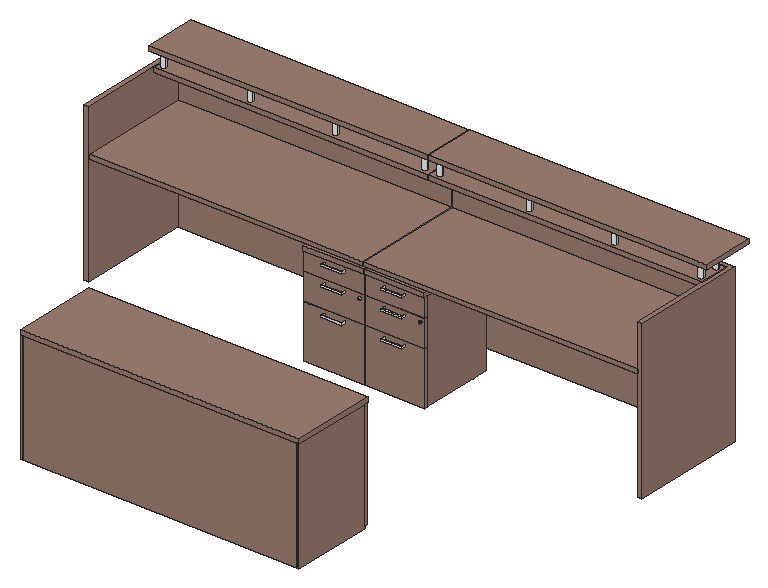
Revit family "T100010", category Furniture, Revit 2022
Family settings
  OmniClass Number = 23.40.20.00
  OmniClass Title = General Furniture and Specialties
  Work Plane-Based = No
  Always vertical = Yes
  Cut with Voids When Loaded = No
  Render Appearance Source = Family Geometry
  Shared = No
  Room Calculation Point = No
Parameters
  Default Elevation = 0' - 0"
Reference planes (in)
  plane 1 "Center Front/Back": y = 0
  plane 2: z = 0
  plane 3 "Center Left/Right": x = 0
Dimensions and locks (in)
  aligned and locked: level to plane 2
Nested families (in)
  nested 1: "OFS ELEMENT DOUBLE DESK 144in" at (0, 0, 0), type "ELEMENT DOUBLE DESK 144in"
    with Desk Overlay Option yes
  nested 2: "OFS ELEMENT 4 DOOR CREDENZA" at (0, -82.75, 0) x (-1, 0, 0) z (0, 0, 1), type "ELEMENT 4 DOOR CREDENZA 72in Width"
  nested 3: "OFS ELEMENT MOBILE PEDESTAL" at (-7.8125, 3, 0), type "ELEMENT MOBILE PEDESTAL"
  nested 4: "OFS ELEMENT MOBILE PEDESTAL" at (7.8125, 3, 0), type "ELEMENT MOBILE PEDESTAL"
Definition of nested family "OFS ELEMENT DOUBLE DESK 144in"
  Parameters (values of type "ELEMENT DOUBLE DESK 144in")
    Worksurface Material = none
    Width = 12' - 0"
    URL = "http://www.ofsbrands.com/"
    Transaction Shelf Material = none
    Table Supp from Lateral = 0' - 2 5/8"
    Table Supp from Center = 2' - 1"
    Table Depth = 1' - 1 1/2"
    Model = "EL-T72D"
    Manufacturer = "OFS"
    Lateral Board Thickness = 0' - 1 3/16"
    Height = 3' - 9"
    Standoffs Material = none
    Desk Overlay Thickness = 0' - 0 1/8"
    Desk Overlay Option [instance] = yes
    Desk Overlay Material = none
    Desk Overlay = 0' - 6 1/2"
    Description = "OFS BRANDS OFS ELEMENT DOUBLE DESK 144\" Width, 2 X 72\"W x 34.3125\"D DESK"
    Depth = 2' - 10 5/16"
    Default Elevation = 0' - 0"
    Copyright © = "© 2018 OFS BRANDS"
    Catalog = "http://ofs.com/products/casegoods/reception/element"
    Bottom Board Offset = 0' - 0"
    Chassis Material = none
    Base Depth = 2' - 6"
    Back Board Thickness = 0' - 1 3/16"
    Authoring Version = "Autodesk Revit Architecture 2013"
    Assembly Code = "E2020200"
  Reference planes (in)
    plane 1 "Center Front/Back": y = 0
    plane 2: z = 0
    plane 3 "Center Left/Right": x = 0
    plane 4 "Back External": y = 17.15625
    plane 5 "Right External": x = 72
    plane 6 "Front External": y = -17.15625
    plane 7 "Left External": x = -72
    plane 8 "Seat Height": z = 29.5
    plane 9 "Height": z = 45
    plane 10: x = 70.8125
    plane 11: x = -70.8125
    plane 12: y = 12.84375
    plane 13: y = 11.65625
    plane 14: y = 3.65625
    plane 15: z = 40.5
    plane 16: z = 28.5
    plane 17: z = 43.875
    plane 18: z = 39.375
    plane 19: z = 0
    plane 20: x = -69.375
    plane 21: x = -25
    plane 22: x = 69.375
    plane 23: x = 25
    plane 24: x = 65.5
    plane 25: x = -65.5
    plane 26: z = 6.5
    plane 27: z = 34
    plane 28: y = 12.96875
    plane 29: x = 0.5
    plane 30: x = -0.5
    plane 31: x = -1.9375
    plane 32: x = 1.9375
    plane 33: x = -47
    plane 34: x = 47
  Forms (in)
    Extrusion 1, solid, material <- "Worksurface Material"
      sketch origin (0, 0, 0) x (1, 0, 0) y (0, 1, 0)
        loop
          line (-70.8125, 11.65625) -> (-70.8125, -17.15625) -> (-0.03125, -17.15625) -> (-0.03125, 11.65625) -> (-70.8125, 11.65625)
        loop
          line (70.8125, -17.15625) -> (70.8125, 11.65625) -> (0.03125, 11.65625) -> (0.03125, -17.15625) -> (70.8125, -17.15625)
      from 28.5 to 29.5
    Extrusion 2, solid, material <- "Chassis Material"
      sketch origin (0, 0, 0) x (1, 0, 0) y (0, 1, 0)
        loop
          line (-72, -17.15625) -> (-70.8125, -17.15625) -> (-70.8125, 11.65625) -> (-0.03125, 11.65625) -> (-0.03125, 12.84375) -> (-72, 12.84375) -> (-72, -17.15625)
        loop
          line (72, 12.84375) -> (0.03125, 12.84375) -> (0.03125, 11.65625) -> (70.8125, 11.65625) -> (70.8125, -17.15625) -> (72, -17.15625) -> (72, 12.84375)
      from 0 to 40.5
    Extrusion 3, solid, material <- "Chassis Material"
      sketch origin (0, 0, 6) x (1, 0, 0) y (0, 1, 0)
        loop
          line (-70.8125, 11.65625) -> (-70.8125, 3.65625) -> (-0.03125, 3.65625) -> (-0.03125, 11.65625) -> (-70.8125, 11.65625)
        loop
          line (70.8125, 3.65625) -> (70.8125, 11.65625) -> (0.03125, 11.65625) -> (0.03125, 3.65625) -> (70.8125, 3.65625)
      from 33.375 to 34.5
    Extrusion 4, solid, material <- "Transaction Shelf Material"
      sketch origin (0, 0, 6) x (1, 0, 0) y (0, 1, 0)
        loop
          line (-72, 17.15625) -> (-72, 3.65625) -> (-0.03125, 3.65625) -> (-0.03125, 17.15625) -> (-72, 17.15625)
        loop
          line (72, 3.65625) -> (72, 17.15625) -> (0.03125, 17.15625) -> (0.03125, 3.65625) -> (72, 3.65625)
      from 37.875 to 39
    Extrusion 5, solid, material <- "Standoffs Material"
      sketch origin (0, 0, 0) x (1, 0, 0) y (0, 1, 0)
        loop
          circle (-69.375, 10.04085) r 0.625
      from 40.5 to 43.875
    Extrusion 6, solid, material <- "Standoffs Material"
      sketch origin (0, -4.75, 0) x (1, 0, 0) y (0, 1, 0)
        loop
          circle (-69.375, 10.04085) r 0.625
      from 40.5 to 43.875
    Extrusion 7, solid, material <- "Standoffs Material"
      sketch origin (22.25, 0, 0) x (1, 0, 0) y (0, 1, 0)
        loop
          circle (-47.25, 10.04085) r 0.625
      from 40.5 to 43.875
    Extrusion 8, solid, material <- "Standoffs Material"
      sketch origin (22.25, -4.75, 0) x (1, 0, 0) y (0, 1, 0)
        loop
          circle (-47.25, 10.04085) r 0.625
      from 40.5 to 43.875
    Extrusion 9, solid, material <- "Standoffs Material"
      sketch origin (44.5, 0, 0) x (1, 0, 0) y (0, 1, 0)
        loop
          circle (-19.5, 10.04085) r 0.625
      from 40.5 to 43.875
    Extrusion 10, solid, material <- "Standoffs Material"
      sketch origin (44.5, -4.75, 0) x (1, 0, 0) y (0, 1, 0)
        loop
          circle (-19.5, 10.04085) r 0.625
      from 40.5 to 43.875
    Extrusion 11, solid, material <- "Standoffs Material"
      sketch origin (66.75, 0, 0) x (1, 0, 0) y (0, 1, 0)
        loop
          circle (2.625, 10.04085) r 0.625
      from 40.5 to 43.875
    Extrusion 12, solid, material <- "Standoffs Material"
      sketch origin (66.75, -4.75, 0) x (1, 0, 0) y (0, 1, 0)
        loop
          circle (2.625, 10.04085) r 0.625
      from 40.5 to 43.875
    Extrusion 13, solid, material <- "Desk Overlay Material", visible <- "Desk Overlay Option"
      sketch origin (0, 0, 0) x (1, 0, 0) y (0, 0, 1)
        loop
          line (65.5, 34) -> (-65.5, 34) -> (-65.5, 6.5) -> (65.5, 6.5) -> (65.5, 34)
      from -12.96875 to -12.84375
    Extrusion 14, solid, material <- "Chassis Material"
      sketch origin (0, 0, 0) x (1, 0, 0) y (0, 1, 0)
        loop
          line (-0.5, 11.65625) -> (-0.5, 0) -> (0.5, 0) -> (0.5, 11.65625) -> (-0.5, 11.65625)
      from 0 to 28.5
    Extrusion 15, solid, material <- "Standoffs Material"
      sketch origin (-71.3125, 0, 0) x (-1, 0, 0) y (0, -1, 0)
        loop
          circle (-69.375, -10.04085) r 0.625
      from 40.5 to 43.875
    Extrusion 16, solid, material <- "Standoffs Material"
      sketch origin (-71.3125, -4.75, 0) x (-1, 0, 0) y (0, -1, 0)
        loop
          circle (-69.375, -10.04085) r 0.625
      from 40.5 to 43.875
    Extrusion 17, solid, material <- "Standoffs Material"
      sketch origin (71.3125, 0, 0) x (1, 0, 0) y (0, 1, 0)
        loop
          circle (-69.375, 10.04085) r 0.625
      from 40.5 to 43.875
    Extrusion 18, solid, material <- "Standoffs Material"
      sketch origin (71.3125, -4.75, 0) x (1, 0, 0) y (0, 1, 0)
        loop
          circle (-69.375, 10.04085) r 0.625
      from 40.5 to 43.875
    Extrusion 19, solid, material <- "Standoffs Material"
      sketch origin (-94.25, 0, 0) x (-1, 0, 0) y (0, -1, 0)
        loop
          circle (-47.25, -10.04085) r 0.625
      from 40.5 to 43.875
    Extrusion 20, solid, material <- "Standoffs Material"
      sketch origin (-94.25, -4.75, 0) x (-1, 0, 0) y (0, -1, 0)
        loop
          circle (-47.25, -10.04085) r 0.625
      from 40.5 to 43.875
    Extrusion 21, solid, material <- "Standoffs Material"
      sketch origin (94.25, 0, 0) x (1, 0, 0) y (0, 1, 0)
        loop
          circle (-47.25, 10.04085) r 0.625
      from 40.5 to 43.875
    Extrusion 22, solid, material <- "Standoffs Material"
      sketch origin (94.25, -4.75, 0) x (1, 0, 0) y (0, 1, 0)
        loop
          circle (-47.25, 10.04085) r 0.625
      from 40.5 to 43.875
  Dimensions and locks (in)
    equal spacing: plane 7 "Left External", plane 3 "Center Left/Right", plane 5 "Right External"
    "Width": plane 7 "Left External" to plane 5 "Right External"
    equal spacing: plane 6 "Front External", plane 1 "Center Front/Back", plane 4 "Back External"
    "Depth": plane 4 "Back External" to plane 6 "Front External"
    plane 8 "Seat Height" to level = 2' - 5 1/2"
    "Height": plane 9 "Height" to level
    "Lateral Board Thickness": plane 7 "Left External" to plane 11
    "Lateral Board Thickness": plane 10 to plane 5 "Right External"
    "Base Depth": plane 12 to plane 6 "Front External"
    "Back Board Thickness": plane 12 to plane 13
    "Table Depth": plane 4 "Back External" to plane 14
    plane 15 to level = 3' - 4 1/2"
    "Bottom Board Offset": plane 19 to level
    "Table Supp from Lateral": plane 7 "Left External" to plane 20
    "Table Supp from Center": plane 21 to plane 3 "Center Left/Right"
    "Table Supp from Lateral": plane 5 "Right External" to plane 22
    "Table Supp from Center": plane 23 to plane 3 "Center Left/Right"
    "Desk Overlay": plane 5 "Right External" to plane 24
    "Desk Overlay": plane 25 to plane 7 "Left External"
    plane 25 to plane 24 = 10' - 11"
    "Desk Overlay": plane 27 to plane 15
    "Desk Overlay": plane 19 to plane 26
    "Desk Overlay Thickness": plane 28 to plane 12
    aligned and locked: level to plane 2
    aligned and locked: Extrusion 1 sketch curve to plane 13
    aligned and locked: Extrusion 1 sketch curve to plane 11
    aligned and locked: Extrusion 1 sketch curve to plane 6 "Front External"
    aligned and locked: Extrusion 1 sketch curve to plane 10
    aligned and locked: plane 7 "Left External" to Extrusion 2 sketch curve
    aligned and locked: Extrusion 1 to Extrusion 2 sketch curve  (x2)
    aligned and locked: Extrusion 2 sketch curve to Extrusion 1  (x2)
    aligned and locked: Extrusion 2 sketch curve to plane 12
    aligned and locked: plane 5 "Right External" to Extrusion 2 sketch curve
    aligned and locked: Extrusion 2 sketch curve to plane 13
    aligned and locked: Extrusion 2 to plane 19
    aligned and locked: Extrusion 1 to plane 16
    aligned and locked: Extrusion 1 to plane 8 "Seat Height"
    aligned and locked: Extrusion 3 to plane 18
    aligned and locked: plane 11 to Extrusion 3
    aligned and locked: plane 10 to Extrusion 3
    aligned and locked: plane 13 to Extrusion 3
    aligned and locked: Extrusion 3 to plane 14
    aligned and locked: Extrusion 4 to plane 14
    aligned and locked: plane 4 "Back External" to Extrusion 4
    aligned and locked: Extrusion 4 to plane 9 "Height"
    aligned and locked: Extrusion 4 to plane 17
    aligned and locked: plane 5 "Right External" to Extrusion 4
    aligned and locked: Extrusion 4 to plane 7 "Left External"
    aligned and locked: Extrusion 13 sketch curve to plane 27
    aligned and locked: Extrusion 13 sketch curve to plane 24
    aligned and locked: Extrusion 13 sketch curve to plane 26
    aligned and locked: Extrusion 13 sketch curve to plane 25
    aligned and locked: Extrusion 13 to plane 12
    aligned and locked: Extrusion 13 to plane 28
    aligned and locked: Extrusion 14 sketch curve to plane 13
    aligned and locked: Extrusion 14 sketch curve to plane 30
    aligned and locked: Extrusion 14 sketch curve to plane 1 "Center Front/Back"
    aligned and locked: Extrusion 14 sketch curve to plane 29
  Automatic sketch dimensions
    Extrusion 1 sketch curve to plane 6 "Front External" = 0' - 0"
    Extrusion 1 sketch curve to plane 13 = 0' - 0"
    Extrusion 1 sketch curve to plane 3 "Center Left/Right" = 0' - 0 1/32"
    plane 3 "Center Left/Right" to Extrusion 1 sketch curve = 0' - 0 1/32"
    Extrusion 2 sketch curve to plane 12 = 0' - 0"
    Extrusion 2 sketch curve to plane 13 = 0' - 0"
    Extrusion 2 sketch curve to plane 3 "Center Left/Right" = 0' - 0 1/32"
    plane 3 "Center Left/Right" to Extrusion 2 sketch curve = 0' - 0 1/32"
    Extrusion 3 sketch curve to plane 11 = 0' - 0"
    Extrusion 3 sketch curve to plane 13 = 0' - 0"  (x2)
    Extrusion 3 sketch curve to plane 14 = 0' - 0"  (x2)
    Extrusion 3 sketch curve to plane 10 = 0' - 0"
    Extrusion 3 sketch curve to plane 3 "Center Left/Right" = 0' - 0 1/32"
    plane 3 "Center Left/Right" to Extrusion 3 sketch curve = 0' - 0 1/32"
    Extrusion 4 sketch curve to plane 4 "Back External" = 0' - 0"  (x2)
    Extrusion 4 sketch curve to plane 7 "Left External" = 0' - 0"
    Extrusion 4 sketch curve to plane 14 = 0' - 0"  (x2)
    Extrusion 4 sketch curve to plane 5 "Right External" = 0' - 0"
    Extrusion 4 sketch curve to plane 3 "Center Left/Right" = 0' - 0 1/32"
    plane 3 "Center Left/Right" to Extrusion 4 sketch curve = 0' - 0 1/32"
    Extrusion 5 sketch curve to plane 20 = 0' - 0"
    Extrusion 5 sketch curve to plane 13 = 0' - 1.6154"
    Extrusion 6 sketch curve to plane 20 = 0' - 0"
    plane 14 to Extrusion 6 sketch curve = 0' - 1.6346"
    Extrusion 7 sketch curve to plane 21 = 0' - 0"
    Extrusion 7 sketch curve to plane 13 = 0' - 1.6154"
    Extrusion 8 sketch curve to plane 21 = 0' - 0"
    plane 14 to Extrusion 8 sketch curve = 0' - 1.6346"
    Extrusion 9 sketch curve to plane 23 = 0' - 0"
    Extrusion 9 sketch curve to plane 13 = 0' - 1.6154"
    Extrusion 10 sketch curve to plane 23 = 0' - 0"
    plane 14 to Extrusion 10 sketch curve = 0' - 1.6346"
    Extrusion 11 sketch curve to plane 22 = 0' - 0"
    Extrusion 11 sketch curve to plane 13 = 0' - 1.6154"
    Extrusion 12 sketch curve to plane 22 = 0' - 0"
    plane 14 to Extrusion 12 sketch curve = 0' - 1.6346"
    Extrusion 15 sketch curve to plane 31 = 0' - 0"
    plane 13 to Extrusion 15 sketch curve = 0' - 1.6154"
    Extrusion 16 sketch curve to plane 31 = 0' - 0"
    Extrusion 16 sketch curve to plane 14 = 0' - 1.6346"
    Extrusion 17 sketch curve to plane 32 = 0' - 0"
    Extrusion 17 sketch curve to plane 13 = 0' - 1.6154"
    Extrusion 18 sketch curve to plane 32 = 0' - 0"
    plane 14 to Extrusion 18 sketch curve = 0' - 1.6346"
    Extrusion 19 sketch curve to plane 33 = 0' - 0"
    plane 13 to Extrusion 19 sketch curve = 0' - 1.6154"
    Extrusion 20 sketch curve to plane 33 = 0' - 0"
    Extrusion 20 sketch curve to plane 14 = 0' - 1.6346"
    Extrusion 21 sketch curve to plane 34 = 0' - 0"
    Extrusion 21 sketch curve to plane 13 = 0' - 1.6154"
    Extrusion 22 sketch curve to plane 34 = 0' - 0"
    plane 14 to Extrusion 22 sketch curve = 0' - 1.6346"
    radius of Extrusion 5 sketch curve = 0' - 0 5/8"
    radius of Extrusion 6 sketch curve = 0' - 0 5/8"
    radius of Extrusion 7 sketch curve = 0' - 0 5/8"
    radius of Extrusion 8 sketch curve = 0' - 0 5/8"
    radius of Extrusion 9 sketch curve = 0' - 0 5/8"
    radius of Extrusion 10 sketch curve = 0' - 0 5/8"
    radius of Extrusion 11 sketch curve = 0' - 0 5/8"
    radius of Extrusion 12 sketch curve = 0' - 0 5/8"
    radius of Extrusion 15 sketch curve = 0' - 0 5/8"
    radius of Extrusion 16 sketch curve = 0' - 0 5/8"
    radius of Extrusion 17 sketch curve = 0' - 0 5/8"
    radius of Extrusion 18 sketch curve = 0' - 0 5/8"
    radius of Extrusion 19 sketch curve = 0' - 0 5/8"
    radius of Extrusion 20 sketch curve = 0' - 0 5/8"
    radius of Extrusion 21 sketch curve = 0' - 0 5/8"
    radius of Extrusion 22 sketch curve = 0' - 0 5/8"
Definition of nested family "OFS ELEMENT 4 DOOR CREDENZA"
  Parameters (values of type "ELEMENT 4 DOOR CREDENZA 84in Width")
    Worksurface Material = none
    Width = 7' - 0"
    URL = "http://ofsbrands.com"
    Top Thickness = 0' - 1 1/4"
    Lateral Boads Thickness = 0' - 0 5/8"
    Frontboard Thickness = 0' - 0 3/4"
    Frontboard Space = 0' - 0 1/4"
    Drawer Handles Material = none
    Drawer Handle Width = 0' - 5 7/16"
    Drawer Handle Depth = 0' - 1"
    Door Gap = 0' - 0 1/8"
    Depth = 1' - 10"
    Model = "EL-8422DCR"
    Manufacturer = "OFS"
    Height = 2' - 6"
    Description = "OFS BRANDS OFS ELEMENT 4 DOOR CREDENZA, 84\" Width, Four Locking Doors, Two Adjustable Shelf"
    Default Elevation = 0' - 0"
    Copyright © = "© OFS BRANDS 2018"
    Chasis Material = none
    Catalog = "http://ofs.com/products/casegoods/reception/element"
    Bottomboard Thickness = 0' - 0 15/16"
    Bottom Board Offset = 0' - 0 9/16"
    Backboard Thickness = 0' - 0 15/16"
    Authoring Version = "Autodesk Revit Architecture 2013"
    Assembly Code = "E2020200"
  Types (3): name | Width | Model | Description
    (no name) | 7' - 0" | "EL-8422DCR" | "OFS BRANDS OFS ELEMENT 4 DOOR CREDENZA, 84\" Width, Four Locking Doors, Two Adjustable Shelf"
    ELEMENT 4 DOOR CREDENZA 72in Width | 6' - 0" | "EL-7222DCR" | "OFS BRANDS OFS ELEMENT 4 DOOR CREDENZA, 72\" Width, Four Locking Doors, Two Adjustable Shelf"
    ELEMENT 4 DOOR CREDENZA 84in Width | 7' - 0" | "EL-8422DCR" | "OFS BRANDS OFS ELEMENT 4 DOOR CREDENZA, 84\" Width, Four Locking Doors, Two Adjustable Shelf"
  Reference planes (in)
    plane 1 "Center Front/Back": y = 0
    plane 2: z = 0
    plane 3 "Center Left/Right": x = 0
    plane 4 "Left End": x = -42
    plane 5 "Front End": y = -22
    plane 6 "Right End": x = 42
    plane 7 "Height Top": z = 30
    plane 8: z = 0.5625
    plane 9: y = -0.9375
    plane 10: y = -21.75
    plane 11: x = 41.375
    plane 12: x = -41.375
    plane 13: y = -21
    plane 14: z = 1.5
    plane 15: z = 28.75
    plane 16: x = -0.0625
    plane 17: x = 0.0625
    plane 18: x = 21
    plane 19: x = -21
    plane 20: y = -22.75
    plane 21: y = -22.31418
    plane 22: y = -22.5
    plane 23: z = 27.75
    plane 24: z = 27.25
    plane 25: x = 20.9375
    plane 26: x = 21.0625
    plane 27: x = 31.5
    plane 28: x = 10.5
    plane 29: x = 28.78125
    plane 30: x = 34.21875
    plane 31: x = 29.03125
    plane 32: x = 33.96875
    plane 33: x = 7.78125
    plane 34: x = 13.21875
    plane 35: x = 8.03125
    plane 36: x = 12.96875
    plane 37: x = -21.0625
    plane 38: x = -20.9375
    plane 39: x = -10.5
    plane 40: x = -31.5
    plane 41: x = -13.21875
    plane 42: x = -7.78125
    plane 43: x = -12.96875
    plane 44: x = -8.03125
    plane 45: x = -34.21875
    plane 46: x = -28.78125
    plane 47: x = -33.96875
    plane 48: x = -29.03125
  Forms (in)
    Extrusion 1, solid, material <- "Chasis Material"
      sketch origin (0, 0, 0) x (1, 0, 0) y (0, 1, 0)
        loop
          line (-41.375, 0) -> (-41.375, -0.9375) -> (41.375, -0.9375) -> (41.375, 0) -> (-41.375, 0)
      from 0 to 28.75
    Extrusion 2, solid, material <- "Chasis Material"
      sketch origin (-3.125, -5.41266, 0) x (1, 0, 0) y (0, 1, 0)
        loop
          line (-38.875, 5.41266) -> (-38.875, -15.58734) -> (-38.25, -15.58734) -> (-38.25, 5.41266) -> (-38.875, 5.41266)
      from 0 to 28.75
    Extrusion 3, solid, material <- "Chasis Material"
      sketch origin (37.875, -5.41266, 0) x (1, 0, 0) y (0, 1, 0)
        loop
          line (3.5, 5.41266) -> (3.5, -15.58734) -> (4.125, -15.58734) -> (4.125, 5.41266) -> (3.5, 5.41266)
      from 0 to 28.75
    Extrusion 4, solid, material <- "Chasis Material"
      sketch origin (-5.10739, -10.02382, 0) x (1, 0, 0) y (0, 1, 0)
        loop
          line (-36.89261, -10.97618) -> (-36.89261, -11.72618) -> (-15.95511, -11.72618) -> (-15.95511, -10.97618) -> (-36.89261, -10.97618)
      from 0.5625 to 28.75
    Extrusion 5, solid, material <- "Chasis Material"
      sketch origin (14.89261, -10.02382, 0) x (1, 0, 0) y (0, 1, 0)
        loop
          line (6.16989, -10.97618) -> (6.16989, -11.72618) -> (27.10739, -11.72618) -> (27.10739, -10.97618) -> (6.16989, -10.97618)
      from 0.5625 to 28.75
    Extrusion 6, solid, material <- "Chasis Material"
      sketch origin (0, 0, 0) x (1, 0, 0) y (0, 1, 0)
        loop
          line (-41.375, -0.9375) -> (-41.375, -21) -> (41.375, -21) -> (41.375, -0.9375) -> (-41.375, -0.9375)
      from 0.5625 to 1.5
    Extrusion 7, solid, material <- "Worksurface Material"
      sketch origin (0, 0, 0) x (1, 0, 0) y (0, 1, 0)
        loop
          line (-42, 0) -> (-42, -22) -> (42, -22) -> (42, 0) -> (-42, 0)
      from 28.75 to 30
    Extrusion 8, solid, material <- "Drawer Handles Material"
      sketch origin (45, 0, 0) x (1, 0, 0) y (0, 1, 0)
        loop
          line (-16.21875, -21.75) -> (-16.21875, -22.75) -> (-10.78125, -22.75) -> (-10.78125, -21.75) -> (-11.03125, -21.75) -> (-11.03125, -22.5) -> (-15.96875, -22.5) -> (-15.96875, -21.75) -> (-16.21875, -21.75)
      from 27.25 to 27.75
    Extrusion 9, solid, material <- "Drawer Handles Material"
      sketch origin (27, 0, 0) x (1, 0, 0) y (0, 1, 0)
        loop
          line (-19.21875, -21.75) -> (-19.21875, -22.75) -> (-13.78125, -22.75) -> (-13.78125, -21.75) -> (-14.03125, -21.75) -> (-14.03125, -22.5) -> (-18.96875, -22.5) -> (-18.96875, -21.75) -> (-19.21875, -21.75)
      from 27.25 to 27.75
    Extrusion 10, solid, material <- "Drawer Handles Material"
      sketch origin (9, 0, 0) x (1, 0, 0) y (0, 1, 0)
        loop
          line (-22.21875, -21.75) -> (-22.21875, -22.75) -> (-16.78125, -22.75) -> (-16.78125, -21.75) -> (-17.03125, -21.75) -> (-17.03125, -22.5) -> (-21.96875, -22.5) -> (-21.96875, -21.75) -> (-22.21875, -21.75)
      from 27.25 to 27.75
    Extrusion 11, solid, material <- "Drawer Handles Material"
      sketch origin (-9, 0, 0) x (1, 0, 0) y (0, 1, 0)
        loop
          line (-25.21875, -21.75) -> (-25.21875, -22.75) -> (-19.78125, -22.75) -> (-19.78125, -21.75) -> (-20.03125, -21.75) -> (-20.03125, -22.5) -> (-24.96875, -22.5) -> (-24.96875, -21.75) -> (-25.21875, -21.75)
      from 27.25 to 27.75
    Extrusion 12, solid, material <- "Chasis Material"
      sketch origin (21.10739, -10.02382, 0) x (-1, 0, 0) y (0, -1, 0)
        loop
          line (0.16989, 10.97618) -> (21.04489, 10.97618) -> (21.04489, 11.72618) -> (0.16989, 11.72618) -> (0.16989, 10.97618)
      from 0.5625 to 28.75
    Extrusion 13, solid, material <- "Chasis Material"
      sketch origin (-21.10739, -10.02382, 0) x (1, 0, 0) y (0, 1, 0)
        loop
          line (0.16989, -10.97618) -> (0.16989, -11.72618) -> (21.04489, -11.72618) -> (21.04489, -10.97618) -> (0.16989, -10.97618)
      from 0.5625 to 28.75
    Blend 14, solid, material <- "Drawer Handles Material"
      base sketch origin (-30, 0, 0) x (1, 0, 0) y (0, 0, 1)
        loop
          circle (51.8743, 26.01563) r 0.31101
      top sketch origin (-30, 0, 0) x (1, 0, 0) y (0, 0, 1)
        loop
          circle (51.8743, 26.01563) r 0.25
      from 21.75 to 22
    Blend 15, solid, material <- "Drawer Handles Material"
      base sketch origin (-75, 0, 0) x (1, 0, 0) y (0, 0, 1)
        loop
          circle (54.8743, 26.01562) r 0.31101
      top sketch origin (-75, 0, 0) x (1, 0, 0) y (0, 0, 1)
        loop
          circle (54.8743, 26.01562) r 0.25
      from 21.75 to 22
  Dimensions and locks (in)
    "Height": plane 7 "Height Top" to level
    "Bottom Board Offset": plane 8 to level
    "Depth": plane 5 "Front End" to plane 1 "Center Front/Back"
    equal spacing: plane 4 "Left End", plane 3 "Center Left/Right", plane 6 "Right End"
    "Width": plane 4 "Left End" to plane 6 "Right End"
    "Backboard Thickness": plane 9 to plane 1 "Center Front/Back"
    "Frontboard Space": plane 10 to plane 5 "Front End"
    "Lateral Boads Thickness": plane 4 "Left End" to plane 12
    "Lateral Boads Thickness": plane 11 to plane 6 "Right End"
    "Frontboard Thickness": plane 13 to plane 10
    "Bottomboard Thickness": plane 14 to plane 8
    "Top Thickness": plane 7 "Height Top" to plane 15
    equal spacing: plane 16, plane 3 "Center Left/Right", plane 17
    "Door Gap": plane 16 to plane 17
    equal spacing: plane 3 "Center Left/Right", plane 18, plane 6 "Right End"
    equal spacing: plane 3 "Center Left/Right", plane 19, plane 4 "Left End"
    "Drawer Handle Depth": plane 10 to plane 20
    locked: plane 15 to plane 23 at 1
    locked: plane 23 to plane 24 at 0.5
    equal spacing: plane 25, plane 18, plane 26
    "Door Gap": plane 25 to plane 26
    equal spacing: plane 18, plane 27, plane 6 "Right End"
    equal spacing: plane 3 "Center Left/Right", plane 28, plane 18
    equal spacing: plane 29, plane 27, plane 30
    "Drawer Handle Width": plane 29 to plane 30
    locked: plane 29 to plane 31 at 0.25
    locked: plane 30 to plane 32 at 0.25
    equal spacing: plane 33, plane 28, plane 34
    "Drawer Handle Width": plane 33 to plane 34
    locked: plane 33 to plane 35 at 0.25
    locked: plane 34 to plane 36 at 0.25
    equal spacing: plane 37, plane 19, plane 38
    "Door Gap": plane 37 to plane 38
    equal spacing: plane 19, plane 39, plane 3 "Center Left/Right"
    equal spacing: plane 4 "Left End", plane 40, plane 19
    equal spacing: plane 41, plane 39, plane 42
    "Drawer Handle Width": plane 41 to plane 42
    locked: plane 41 to plane 43 at 0.25
    locked: plane 42 to plane 44 at 0.25
    equal spacing: plane 45, plane 40, plane 46
    "Drawer Handle Width": plane 45 to plane 46
    locked: plane 45 to plane 47 at 0.25
    locked: plane 46 to plane 48 at 0.25
    aligned and locked: level to plane 2
    aligned and locked: plane 1 "Center Front/Back" to Extrusion 1 sketch curve
    aligned and locked: Extrusion 1 sketch curve to plane 9
    aligned and locked: Extrusion 2 to plane 4 "Left End"
    aligned and locked: Extrusion 2 to plane 12
    aligned and locked: Extrusion 2 to plane 1 "Center Front/Back"
    aligned and locked: Extrusion 1 to plane 11
    aligned and locked: Extrusion 2 to plane 13
    aligned and locked: Extrusion 3 to plane 1 "Center Front/Back"
    aligned and locked: plane 13 to Extrusion 3
    aligned and locked: plane 11 to Extrusion 3
    aligned and locked: Extrusion 3 to plane 6 "Right End"
    aligned and locked: Extrusion 4 to plane 10
    aligned and locked: plane 13 to Extrusion 4
    aligned and locked: Extrusion 4 to plane 4 "Left End"
    aligned and locked: Extrusion 5 to plane 13
    aligned and locked: plane 10 to Extrusion 5
    aligned and locked: Extrusion 5 to plane 6 "Right End"
    aligned and locked: plane 15 to Extrusion 4
    aligned and locked: Extrusion 5 to plane 15
    aligned and locked: Extrusion 1 to plane 15
    aligned and locked: plane 15 to Extrusion 2
    aligned and locked: Extrusion 3 to plane 15
    aligned and locked: Extrusion 4 to plane 8
    aligned and locked: plane 8 to Extrusion 5
    aligned and locked: Extrusion 1 to level
    aligned and locked: Extrusion 3 to level
    aligned and locked: Extrusion 2 to level
    aligned and locked: Extrusion 6 sketch curve to plane 9
    aligned and locked: Extrusion 6 sketch curve to plane 12
    aligned and locked: plane 11 to Extrusion 6 sketch curve
    aligned and locked: Extrusion 6 sketch curve to plane 13
    aligned and locked: plane 4 "Left End" to Extrusion 7 sketch curve
    aligned and locked: plane 6 "Right End" to Extrusion 7 sketch curve
    aligned and locked: plane 1 "Center Front/Back" to Extrusion 7 sketch curve
    aligned and locked: Extrusion 7 sketch curve to plane 5 "Front End"
    aligned and locked: Extrusion 7 to plane 7 "Height Top"
    aligned and locked: Extrusion 7 to plane 15
    aligned and locked: Extrusion 6 to plane 8
    aligned and locked: Extrusion 6 to plane 14
    aligned and locked: Extrusion 8 sketch curve to plane 29
    aligned and locked: Extrusion 8 sketch curve to plane 30
    aligned and locked: plane 32 to Extrusion 8 sketch curve
    aligned and locked: Extrusion 9 sketch curve to plane 33
    aligned and locked: Extrusion 9 sketch curve to plane 34
    aligned and locked: plane 36 to Extrusion 9 sketch curve
    aligned and locked: Extrusion 10 sketch curve to plane 41
    aligned and locked: Extrusion 10 sketch curve to plane 42
    aligned and locked: plane 44 to Extrusion 10 sketch curve
    aligned and locked: Extrusion 11 sketch curve to plane 45
    aligned and locked: Extrusion 11 sketch curve to plane 46
    aligned and locked: plane 48 to Extrusion 11 sketch curve
    aligned and locked: Extrusion 4 to plane 37
    aligned and locked: Extrusion 5 to plane 26
    aligned and locked: Extrusion 12 to plane 25
    aligned and locked: Extrusion 12 to plane 17
    aligned and locked: Extrusion 13 to plane 16
    aligned and locked: Extrusion 13 to plane 38
  Automatic sketch dimensions
    Extrusion 1 sketch curve to plane 12 = 0' - 0"
    Extrusion 1 sketch curve to plane 11 = 0' - 0"
    Extrusion 2 sketch curve to plane 4 "Left End" = 0' - 0"
    Extrusion 2 sketch curve to plane 12 = 0' - 0"
    Extrusion 2 sketch curve to plane 13 = 0' - 0"
    plane 1 "Center Front/Back" to Extrusion 2 sketch curve = 0' - 0"
    Extrusion 3 sketch curve to plane 11 = 0' - 0"
    Extrusion 3 sketch curve to plane 6 "Right End" = 0' - 0"
    plane 13 to Extrusion 3 sketch curve = 0' - 0"
    plane 1 "Center Front/Back" to Extrusion 3 sketch curve = 0' - 0"
    Extrusion 4 sketch curve to plane 4 "Left End" = 0' - 0"
    Extrusion 4 sketch curve to plane 10 = 0' - 0"
    Extrusion 4 sketch curve to plane 37 = 0' - 0"
    Extrusion 4 sketch curve to plane 13 = 0' - 0"
    plane 10 to Extrusion 5 sketch curve = 0' - 0"
    Extrusion 5 sketch curve to plane 26 = 0' - 0"
    Extrusion 5 sketch curve to plane 6 "Right End" = 0' - 0"
    plane 13 to Extrusion 5 sketch curve = 0' - 0"
    plane 10 to Extrusion 8 sketch curve = 0' - 0"  (x2)
    Extrusion 8 sketch curve to plane 31 = 0' - 0"
    plane 20 to Extrusion 8 sketch curve = 0' - 0"
    plane 22 to Extrusion 8 sketch curve = 0' - 0"
    Extrusion 9 sketch curve to plane 10 = 0' - 0"  (x2)
    Extrusion 9 sketch curve to plane 35 = 0' - 0"
    Extrusion 9 sketch curve to plane 20 = 0' - 0"
    plane 22 to Extrusion 9 sketch curve = 0' - 0"
    Extrusion 10 sketch curve to plane 10 = 0' - 0"  (x2)
    Extrusion 10 sketch curve to plane 43 = 0' - 0"
    Extrusion 10 sketch curve to plane 20 = 0' - 0"
    Extrusion 10 sketch curve to plane 22 = 0' - 0"
    Extrusion 11 sketch curve to plane 10 = 0' - 0"  (x2)
    Extrusion 11 sketch curve to plane 47 = 0' - 0"
    Extrusion 11 sketch curve to plane 20 = 0' - 0"
    Extrusion 11 sketch curve to plane 22 = 0' - 0"
    plane 10 to Extrusion 12 sketch curve = 0' - 0"
    Extrusion 12 sketch curve to plane 25 = 0' - 0"
    Extrusion 12 sketch curve to plane 17 = 0' - 0"
    plane 13 to Extrusion 12 sketch curve = 0' - 0"
    Extrusion 13 sketch curve to plane 10 = 0' - 0"
    Extrusion 13 sketch curve to plane 38 = 0' - 0"
    Extrusion 13 sketch curve to plane 16 = 0' - 0"
    Extrusion 13 sketch curve to plane 13 = 0' - 0"
    plane 26 to Blend 14 sketch curve = 0' - 0.8118"  (x2)
    Blend 14 sketch curve to plane 24 = 0' - 1 15/64"  (x2)
    plane 38 to Blend 15 sketch curve = 0' - 0.8118"  (x2)
    Blend 15 sketch curve to plane 24 = 0' - 1 15/64"  (x2)
    radius of Blend 14 sketch curve = 0' - 0.31101"
    radius of Blend 14 sketch curve = 0' - 0 1/4"
    radius of Blend 15 sketch curve = 0' - 0.31101"
    radius of Blend 15 sketch curve = 0' - 0 1/4"
Definition of nested family "OFS ELEMENT MOBILE PEDESTAL"
  Parameters (values of type "ELEMENT MOBILE PEDESTAL")
    Worksurface Material = none
    Width = 1' - 3 5/8"
    URL = "http://ofsbrands.com"
    Top Thickness = 0' - 1 1/8"
    Lateral Boads Thickness = 0' - 0 5/8"
    Frontboard Thickness = 0' - 0 3/4"
    Frontboard Space = 0' - 0 1/4"
    Drawer Handles Material = none
    Drawer Handle Width = 0' - 5 7/16"
    Drawer Handle Depth = 0' - 1"
    Drawer 2 Height = 0' - 7"
    Drawer 1 Height = 1' - 2 3/4"
    Door Gap = 0' - 0 1/8"
    Depth = 1' - 8"
    Model = "EL-1620MP"
    Manufacturer = "OFS"
    Height = 2' - 3 11/16"
    Description = "OFS BRANDS OFS ELEMENT MOBILE PEDESTAL One Box Drawer"
    Default Elevation = 0' - 0"
    Copyright © = "© OFS BRANDS 2018"
    Chasis Material = none
    Catalog = "http://ofs.com/products/casegoods/reception/element"
    Casters Material = none
    Bottomboard Thickness = 0' - 0 15/16"
    Bottom Board Offset = 0' - 0 7/8"
    Backboard Thickness = 0' - 0 15/16"
    Authoring Version = "Autodesk Revit Architecture 2013"
    Assembly Code = "E2020200"
  Reference planes (in)
    plane 1 "Center Front/Back": y = 0
    plane 2: z = 0
    plane 3 "Center Left/Right": x = 0
    plane 4 "Left End": x = -7.8125
    plane 5 "Front End": y = -20
    plane 6 "Right End": x = 7.8125
    plane 7 "Height Top": z = 27.6875
    plane 8: z = 0.875
    plane 9: y = -0.9375
    plane 10: y = -19.75
    plane 11: x = 7.1875
    plane 12: x = -7.1875
    plane 13: y = -19
    plane 14: z = 1.8125
    plane 15: z = 26.5625
    plane 16: x = 0
    plane 17: x = -2.71875
    plane 18: x = 2.71875
    plane 19: y = -20.75
    plane 20: y = -22.31418
    plane 21: x = -2.46875
    plane 22: y = -20.5
    plane 23: x = 2.46875
    plane 24: z = 25.5625
    plane 25: z = 25.0625
    plane 26: z = 14.75
    plane 27: z = 14.625
    plane 28: z = 21.75
    plane 29: z = 21.625
    plane 30: z = 20.75
    plane 31: z = 20.25
    plane 32: z = 13.75
    plane 33: z = 13.25
    plane 34: z = 2.75
  Forms (in)
    Extrusion 1, solid, material <- "Chasis Material"
      sketch origin (-3.125, -5.41266, 0) x (1, 0, 0) y (0, 1, 0)
        loop
          line (-4.6875, 5.41266) -> (-4.6875, -13.58734) -> (-4.0625, -13.58734) -> (-4.0625, 5.41266) -> (-4.6875, 5.41266)
      from 0.875 to 26.5625
    Extrusion 2, solid, material <- "Chasis Material"
      sketch origin (37.875, -5.41266, 0) x (1, 0, 0) y (0, 1, 0)
        loop
          line (-30.6875, 5.41266) -> (-30.6875, -13.58734) -> (-30.0625, -13.58734) -> (-30.0625, 5.41266) -> (-30.6875, 5.41266)
      from 0.875 to 26.5625
    Extrusion 3, solid, material <- "Chasis Material"
      sketch origin (-5.10739, -10.02382, 0) x (1, 0, 0) y (0, 1, 0)
        loop
          line (-2.70511, -8.97618) -> (-2.70511, -9.72618) -> (12.91989, -9.72618) -> (12.91989, -8.97618) -> (-2.70511, -8.97618)
      from 0.875 to 14.625
    Extrusion 4, solid, material <- "Chasis Material"
      sketch origin (0, 0, 0) x (1, 0, 0) y (0, 1, 0)
        loop
          line (-7.1875, -0.9375) -> (-7.1875, -19) -> (7.1875, -19) -> (7.1875, -0.9375) -> (-7.1875, -0.9375)
      from 2.75 to 1.8125
    Extrusion 5, solid, material <- "Drawer Handles Material"
      sketch origin (7.8125, 0, 0) x (1, 0, 0) y (0, 1, 0)
        loop
          line (-10.53125, -19.75) -> (-10.53125, -20.75) -> (-5.09375, -20.75) -> (-5.09375, -19.75) -> (-5.34375, -19.75) -> (-5.34375, -20.5) -> (-10.28125, -20.5) -> (-10.28125, -19.75) -> (-10.53125, -19.75)
      from 25.0625 to 25.5625
    Extrusion 6, solid, material <- "Drawer Handles Material"
      sketch origin (7.8125, 0, -7.15625) x (1, 0, 0) y (0, 1, 0)
        loop
          line (-10.53125, -19.75) -> (-10.53125, -20.75) -> (-5.09375, -20.75) -> (-5.09375, -19.75) -> (-5.34375, -19.75) -> (-5.34375, -20.5) -> (-10.28125, -20.5) -> (-10.28125, -19.75) -> (-10.53125, -19.75)
      from 27.40625 to 27.90625
    Extrusion 7, solid, material <- "Drawer Handles Material"
      sketch origin (7.8125, 0, -14.3125) x (1, 0, 0) y (0, 1, 0)
        loop
          line (-10.53125, -19.75) -> (-10.53125, -20.75) -> (-5.09375, -20.75) -> (-5.09375, -19.75) -> (-5.34375, -19.75) -> (-5.34375, -20.5) -> (-10.28125, -20.5) -> (-10.28125, -19.75) -> (-10.53125, -19.75)
      from 27.5625 to 28.0625
    Extrusion 8, solid, material <- "Chasis Material"
      sketch origin (-18.01928, -10.02382, 13.32115) x (-1, 0, 0) y (0, -1, 0)
        loop
          line (-25.83178, 8.97618) -> (-10.20678, 8.97618) -> (-10.20678, 9.72618) -> (-25.83178, 9.72618) -> (-25.83178, 8.97618)
      from 8.42885 to 13.24135
    Extrusion 9, solid, material <- "Chasis Material"
      sketch origin (-20.85209, -10.02382, 6.64749) x (-1, 0, 0) y (0, -1, 0)
        loop
          line (-28.66459, 8.97618) -> (-13.03959, 8.97618) -> (-13.03959, 9.72618) -> (-28.66459, 9.72618) -> (-28.66459, 8.97618)
      from 8.10251 to 14.97751
    Extrusion 10, solid, material <- "Worksurface Material"
      sketch origin (0, 0, 0) x (1, 0, 0) y (0, 1, 0)
        loop
          line (-7.8125, 0) -> (-7.8125, -20) -> (7.8125, -20) -> (7.8125, 0) -> (-7.8125, 0)
      from 26.5625 to 27.6875
    Extrusion 11, solid, material <- "Chasis Material"
      sketch origin (0, 0, 0) x (1, 0, 0) y (0, 1, 0)
        loop
          line (-7.1875, 0) -> (-7.1875, -0.9375) -> (7.1875, -0.9375) -> (7.1875, 0) -> (-7.1875, 0)
      from 0.875 to 26.5625
    Blend 12, solid, material <- "Drawer Handles Material"
      base sketch origin (-45.22131, 2, -5.51333) x (1, 0, 0) y (0, 0, 1)
        loop
          circle (51.8743, 26.01563) r 0.31101
      top sketch origin (-45.22131, 2, -5.51333) x (1, 0, 0) y (0, 0, 1)
        loop
          circle (51.8743, 26.01563) r 0.25
      from 21.75 to 22
    Extrusion 13, solid, material <- "Casters Material"
      sketch origin (0, 13.08827, 0) x (0, 1, 0) y (0, 0, 1)
        loop
          circle (-15.68394, 0.875) r 0.875
      from 6.33656 to 6.83536
    Extrusion 14, solid, material <- "Casters Material"
      sketch origin (12.12805, 13.08827, 0) x (0, 1, 0) y (0, 0, -1)
        loop
          circle (-15.68394, -0.875) r 0.875
      from 6.33656 to 6.83536
    Extrusion 15, solid, material <- "Casters Material"
      sketch origin (0, -1.93467, 0) x (0, 1, 0) y (0, 0, 1)
        loop
          circle (-15.68394, 0.875) r 0.875
      from 6.33656 to 6.83536
    Extrusion 16, solid, material <- "Casters Material"
      sketch origin (12.12805, -1.93467, 0) x (0, 1, 0) y (0, 0, -1)
        loop
          circle (-15.68394, -0.875) r 0.875
      from 6.33656 to 6.83536
    Extrusion 17, solid, material <- "Casters Material"
      sketch origin (0, 13.08827, 0) x (0, 1, 0) y (0, 0, -1)
        loop
          circle (-15.68394, -0.875) r 0.875
      from 6.33656 to 6.83536
    Extrusion 18, solid, material <- "Casters Material"
      sketch origin (-12.12805, 13.08827, 0) x (0, 1, 0) y (0, 0, 1)
        loop
          circle (-15.68394, 0.875) r 0.875
      from 6.33656 to 6.83536
    Extrusion 19, solid, material <- "Casters Material"
      sketch origin (0, -1.93467, 0) x (0, 1, 0) y (0, 0, -1)
        loop
          circle (-15.68394, -0.875) r 0.875
      from 6.33656 to 6.83536
    Extrusion 20, solid, material <- "Casters Material"
      sketch origin (-12.12805, -1.93467, 0) x (0, 1, 0) y (0, 0, 1)
        loop
          circle (-15.68394, 0.875) r 0.875
      from 6.33656 to 6.83536
  Dimensions and locks (in)
    "Height": plane 7 "Height Top" to level
    "Bottom Board Offset": plane 8 to level
    "Depth": plane 5 "Front End" to plane 1 "Center Front/Back"
    equal spacing: plane 4 "Left End", plane 3 "Center Left/Right", plane 6 "Right End"
    "Width": plane 4 "Left End" to plane 6 "Right End"
    "Backboard Thickness": plane 9 to plane 1 "Center Front/Back"
    "Frontboard Space": plane 10 to plane 5 "Front End"
    "Lateral Boads Thickness": plane 4 "Left End" to plane 12
    "Lateral Boads Thickness": plane 11 to plane 6 "Right End"
    "Frontboard Thickness": plane 13 to plane 10
    "Bottomboard Thickness": plane 14 to plane 8
    "Top Thickness": plane 7 "Height Top" to plane 15
    equal spacing: plane 17, plane 16, plane 18
    "Drawer Handle Width": plane 17 to plane 18
    "Drawer Handle Depth": plane 10 to plane 19
    locked: plane 17 to plane 21 at 0.25
    locked: plane 22 to plane 19 at 0.25
    locked: plane 18 to plane 23 at 0.25
    locked: plane 15 to plane 24 at 1
    locked: plane 24 to plane 25 at 0.5
    "Drawer 1 Height": plane 26 to level
    "Door Gap": plane 26 to plane 27
    "Door Gap": plane 28 to plane 29
    locked: plane 28 to plane 30 at 1
    locked: plane 30 to plane 31 at 0.5
    locked: plane 26 to plane 32 at 1
    locked: plane 32 to plane 33 at 0.5
    "Drawer 2 Height": plane 28 to plane 26
    "Bottomboard Thickness": plane 34 to plane 14
    aligned and locked: level to plane 2
    aligned and locked: Extrusion 1 to plane 4 "Left End"
    aligned and locked: Extrusion 1 to plane 12
    aligned and locked: Extrusion 1 to plane 1 "Center Front/Back"
    aligned and locked: Extrusion 1 to plane 13
    aligned and locked: Extrusion 2 to plane 1 "Center Front/Back"
    aligned and locked: Extrusion 2 to plane 13
    aligned and locked: plane 11 to Extrusion 2
    aligned and locked: Extrusion 2 to plane 6 "Right End"
    aligned and locked: Extrusion 3 to plane 10
    aligned and locked: plane 13 to Extrusion 3
    aligned and locked: Extrusion 3 to plane 4 "Left End"
    aligned and locked: Extrusion 1 to plane 15
    aligned and locked: Extrusion 2 to plane 15
    aligned and locked: Extrusion 3 to plane 8
    aligned and locked: Extrusion 4 sketch curve to plane 9
    aligned and locked: Extrusion 4 sketch curve to plane 12
    aligned and locked: plane 11 to Extrusion 4 sketch curve
    aligned and locked: plane 13 to Extrusion 4 sketch curve
    aligned and locked: plane 14 to Extrusion 4
    aligned and locked: Extrusion 5 sketch curve to plane 17
    aligned and locked: Extrusion 5 sketch curve to plane 10  (x2)
    aligned and locked: Extrusion 5 sketch curve to plane 22
    aligned and locked: Extrusion 5 sketch curve to plane 18
    aligned and locked: plane 23 to Extrusion 5 sketch curve
    aligned and locked: plane 24 to Extrusion 5
    aligned and locked: Extrusion 5 to plane 25
    aligned and locked: plane 30 to Extrusion 6
    aligned and locked: Extrusion 6 to plane 31
    aligned and locked: plane 32 to Extrusion 7
    aligned and locked: Extrusion 7 to plane 33
    aligned and locked: plane 27 to Extrusion 3
    aligned and locked: Extrusion 8 to plane 28
    aligned and locked: plane 29 to Extrusion 9
    aligned and locked: Extrusion 9 to plane 26
    aligned and locked: Extrusion 8 to plane 15
    aligned and locked: Extrusion 8 to plane 6 "Right End"
    aligned and locked: Extrusion 9 to plane 6 "Right End"
    aligned and locked: Extrusion 3 to plane 6 "Right End"
    aligned and locked: plane 16 to plane 3 "Center Left/Right"
    aligned and locked: plane 5 "Front End" to Extrusion 10 sketch curve
    aligned and locked: plane 1 "Center Front/Back" to Extrusion 10 sketch curve
    aligned and locked: plane 6 "Right End" to Extrusion 10 sketch curve
    aligned and locked: plane 4 "Left End" to Extrusion 10 sketch curve
    aligned and locked: plane 15 to Extrusion 10
    aligned and locked: plane 7 "Height Top" to Extrusion 10
    aligned and locked: Extrusion 1 to plane 8
    aligned and locked: Extrusion 2 to plane 8
    aligned and locked: plane 1 "Center Front/Back" to Extrusion 11 sketch curve
    aligned and locked: plane 9 to Extrusion 11 sketch curve
    aligned and locked: Extrusion 11 sketch curve to plane 12
    aligned and locked: plane 11 to Extrusion 11 sketch curve
    aligned and locked: Extrusion 11 to plane 8
    aligned and locked: Extrusion 11 to plane 15
    aligned and locked: plane 34 to Extrusion 4
  Automatic sketch dimensions
    Extrusion 1 sketch curve to plane 4 "Left End" = 0' - 0"
    Extrusion 1 sketch curve to plane 12 = 0' - 0"
    Extrusion 1 sketch curve to plane 13 = 0' - 0"
    plane 1 "Center Front/Back" to Extrusion 1 sketch curve = 0' - 0"
    Extrusion 2 sketch curve to plane 11 = 0' - 0"
    Extrusion 2 sketch curve to plane 6 "Right End" = 0' - 0"
    Extrusion 2 sketch curve to plane 13 = 0' - 0"
    plane 1 "Center Front/Back" to Extrusion 2 sketch curve = 0' - 0"
    Extrusion 3 sketch curve to plane 4 "Left End" = 0' - 0"
    Extrusion 3 sketch curve to plane 6 "Right End" = 0' - 0"
    Extrusion 3 sketch curve to plane 10 = 0' - 0"
    Extrusion 3 sketch curve to plane 13 = 0' - 0"
    Extrusion 5 sketch curve to plane 21 = 0' - 0"
    Extrusion 5 sketch curve to plane 19 = 0' - 0"
    Extrusion 6 sketch curve to plane 10 = 0' - 0"  (x2)
    Extrusion 6 sketch curve to plane 17 = 0' - 0"
    Extrusion 6 sketch curve to plane 21 = 0' - 0"
    Extrusion 6 sketch curve to plane 23 = 0' - 0"
    Extrusion 6 sketch curve to plane 18 = 0' - 0"
    Extrusion 6 sketch curve to plane 19 = 0' - 0"
    plane 22 to Extrusion 6 sketch curve = 0' - 0"
    Extrusion 7 sketch curve to plane 10 = 0' - 0"  (x2)
    Extrusion 7 sketch curve to plane 17 = 0' - 0"
    Extrusion 7 sketch curve to plane 21 = 0' - 0"
    Extrusion 7 sketch curve to plane 23 = 0' - 0"
    Extrusion 7 sketch curve to plane 18 = 0' - 0"
    Extrusion 7 sketch curve to plane 19 = 0' - 0"
    plane 22 to Extrusion 7 sketch curve = 0' - 0"
    Extrusion 8 sketch curve to plane 6 "Right End" = 0' - 0"
    Extrusion 8 sketch curve to plane 4 "Left End" = 0' - 0"
    Extrusion 8 sketch curve to plane 13 = 0' - 0"
    Extrusion 8 sketch curve to plane 10 = 0' - 0"
    Extrusion 9 sketch curve to plane 6 "Right End" = 0' - 0"
    Extrusion 9 sketch curve to plane 4 "Left End" = 0' - 0"
    Extrusion 9 sketch curve to plane 13 = 0' - 0"
    Extrusion 9 sketch curve to plane 10 = 0' - 0"
    Blend 12 sketch curve to plane 30 = 0' - 0.24771"  (x2)
    plane 11 to Blend 12 sketch curve = 0' - 0.53451"  (x2)
    Extrusion 13 sketch curve to plane 8 = 0' - 0"
    Extrusion 13 sketch curve to plane 9 = 0' - 1.65816"
    Extrusion 14 sketch curve to plane 8 = 0' - 0"
    Extrusion 14 sketch curve to plane 9 = 0' - 1.65816"
    Extrusion 15 sketch curve to plane 8 = 0' - 0"
    plane 13 to Extrusion 15 sketch curve = 0' - 1.38139"
    Extrusion 16 sketch curve to plane 8 = 0' - 0"
    plane 13 to Extrusion 16 sketch curve = 0' - 1.38139"
    Extrusion 17 sketch curve to plane 8 = 0' - 0"
    Extrusion 17 sketch curve to plane 9 = 0' - 1.65816"
    Extrusion 18 sketch curve to plane 8 = 0' - 0"
    Extrusion 18 sketch curve to plane 9 = 0' - 1.65816"
    Extrusion 19 sketch curve to plane 8 = 0' - 0"
    plane 13 to Extrusion 19 sketch curve = 0' - 1.38139"
    Extrusion 20 sketch curve to plane 8 = 0' - 0"
    plane 13 to Extrusion 20 sketch curve = 0' - 1.38139"
    radius of Blend 12 sketch curve = 0' - 0.31101"
    radius of Blend 12 sketch curve = 0' - 0 1/4"
    radius of Extrusion 13 sketch curve = 0' - 0 7/8"
    radius of Extrusion 14 sketch curve = 0' - 0 7/8"
    radius of Extrusion 15 sketch curve = 0' - 0 7/8"
    radius of Extrusion 16 sketch curve = 0' - 0 7/8"
    radius of Extrusion 17 sketch curve = 0' - 0 7/8"
    radius of Extrusion 18 sketch curve = 0' - 0 7/8"
    radius of Extrusion 19 sketch curve = 0' - 0 7/8"
    radius of Extrusion 20 sketch curve = 0' - 0 7/8"
